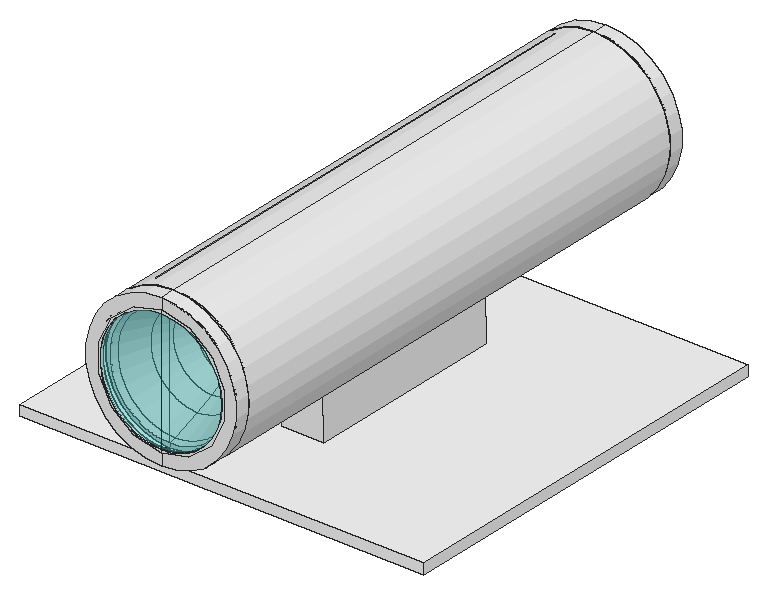
Revit family "BE_66519_de_DE", category Leuchten, Revit 2015
Parameters (values of type "BEGA_66519_Weiß_K4")
  built-in parameter 1150104 = 8.155 (stored number, unit not read)
  Wattage = 36 W
  Default Elevation = 0 mm
  built-in parameter 1150113 = 1 (stored number, unit not read)
  built-in parameter 1114218 = 1 (stored number, unit not read)
  Umgebungstemperatur = ""
  URL = "http://www.bega.de/produkt/66519"
  Typenkommentare = "© 2016 BEGA. Wir behalten uns das Recht vor, technische Änderungen ohne vorherige Ankündigung vorzunehmen."  # constant formula
  Type Image = 66519.png
  built-in parameter 1150134 = 12
  built-in parameter 1150109 = 1 (stored number, unit not read)
  Strom = ""
  built-in parameter 1150110 = 1 (stored number, unit not read)
  Spannung = 0 V
  Sonderanfertigung = no
  Seriennummer [instance] = "Hier können Sie die eindeutige Seriennummer für das Facility Management eintragen."
  Schutzklasse = "I"
  Schutzart = "IP 65"
  Scheinlast = 0 VA
  Produktdatenblatt = "http://www.bega.de/download/Xrfa/db/66519.db.de.pdf"
  Oberflächentemperatur = ""
  Neigungswinkel = 0.00°
  Modell = "66519WK4"
  Material_17 = BEGA_Reflektor
  Material_15 = BEGA_Leuchtmedium_matt
  Material_09 = BEGA_Glas_klar
  Material_06 = BEGA_Oberfläche_Edelstahl_gebürstet
  Material_03 = BEGA_Oberfläche_Weiss_matt
  Material_02 = BEGA_Oberfläche_Silber_matt
  Material_01 [instance] = BEGA_Oberfläche_Grafit_matt
  M_W = yes
  M_G = no
  M_A = no
  Logo = 0
  built-in parameter 1114217 = 1 (stored number, unit not read)
  built-in parameter 1150139 = (empty or 0)
  built-in parameter 1150105 = 251.47 (stored number, unit not read)
  built-in parameter 1150114 = 1 (stored number, unit not read)
  Lumens = 3160.08 lm
  built-in parameter 1150115 = 1 (stored number, unit not read)
  Leuchtenlichtstrom = "1882 lm"
  Leuchtenanzahl = ""
  Lebensdauerkriterien = "L70 = 50.000 h"
  Lastklassifizierung = Beleuchtung
  built-in parameter 1150112 = 1 (stored number, unit not read)
  Lampenlichtstrom = "3160 lm"
  Lampe = "LED 36 W"
  LED_Modulbezeichnung = "2x LED-0222/840"
  built-in parameter 1150142 = (empty or 0)
  Hersteller = "BEGA"  # constant formula
  Halbstreuwinkel = ""
  Gewicht = "5.15 kg"
  Gebrauchslageneinschränkung [instance] = ""
  Frequenz = "50-60 Hz"
  Farbwiedergabeindex = "Ra > 80"
  Farbtemperaturverschiebung bei Dämpfen der Lampe = <Keine Auswahl>
  Farbtemperatur = "4000 K"
  Color Filter = 16777215
  built-in parameter 1150133 = 10 (stored number, unit not read)
  Energieeffizienzklasse = "LED A++ - A"
  built-in parameter 1150137 = (empty or 0)
  built-in parameter 1150132 = (empty or 0)
  ENEC = ""
  Datei für fotometrisches Netz = "BE_66519K4.IES"
  CE_Konformität = "ja"
  Bestellnummer = "66519WK4"
  Beschreibung_Sonderanfertigung = "Hier können Sie Informationen zur Sonderanfertigung eintragen."
  Beschreibung = "Wandleuchte"
  built-in parameter 1150106 = 2.5147 (stored number, unit not read)
  Befestigungsbohrung = "Ø 5,9 mm"
  Befestigungsabstand = "160 x 14 mm"
  Ballwurfsicher = ""
  BEGA_Intern_aus = yes
  BEGA_Intern_an = yes
  BEGA_Intern_Konstruktion = yes
  BEGA_Intern = yes
  BEGA_IES = yes
  BEGA_Dummy = no
  Anschlussleitung = ""
  Anschlussleistung [instance] = "40 W"
  built-in parameter 1150107 = 4000 (stored number, unit not read)
  built-in parameter 1150102 = (empty or 0)
  built-in parameter 1150138 = (empty or 0)
  Aktualisierung = "2016-06-10T04:10:36"
  Abstand_zur_angestrahlten_Fläche [instance] = ""
  AC/DC = "AC"
Types (6, lengths in mm): name | built-in parameter 1150104 | built-in parameter 1150134 | Modell | M_W | M_G | M_A | built-in parameter 1150105 | Lumens | Leuchtenlichtstrom | Lampenlichtstrom | LED_Modulbezeichnung | Farbtemperatur | Datei für fotometrisches Netz | Bestellnummer | built-in parameter 1150106 | built-in parameter 1150107
  BEGA_66519_Grafit_K4 | 8.155 (stored number, unit not read) | 12 | "66519K4" | no | yes | no | 251.47 (stored number, unit not read) | 3160.08 lm | "1882 lm" | "3160 lm" | "2x LED-0222/840" | "4000 K" | "BE_66519K4.IES" | "66519K4" | 2.5147 (stored number, unit not read) | 4000 (stored number, unit not read)
  BEGA_66519_Silber_K4 | 8.155 (stored number, unit not read) | 12 | "66519AK4" | no | no | yes | 251.47 (stored number, unit not read) | 3160.08 lm | "1882 lm" | "3160 lm" | "2x LED-0222/840" | "4000 K" | "BE_66519K4.IES" | "66519AK4" | 2.5147 (stored number, unit not read) | 4000 (stored number, unit not read)
  BEGA_66519_Silber_K3 | 7.5874 (stored number, unit not read) | (empty or 0) | "66519A" | no | no | yes | 233.97 (stored number, unit not read) | 2940.12 lm | "1753 lm" | "2940 lm" | "2x LED-0222/830" | "3000 K" | "BE_66519.IES" | "66519A" | 2.3397 (stored number, unit not read) | 3000 (stored number, unit not read)
  BEGA_66519_Weiß_K3 | 7.5874 (stored number, unit not read) | (empty or 0) | "66519W" | yes | no | no | 233.97 (stored number, unit not read) | 2940.12 lm | "1753 lm" | "2940 lm" | "2x LED-0222/830" | "3000 K" | "BE_66519.IES" | "66519W" | 2.3397 (stored number, unit not read) | 3000 (stored number, unit not read)
  BEGA_66519_Weiß_K4 | 8.155 (stored number, unit not read) | 12 | "66519WK4" | yes | no | no | 251.47 (stored number, unit not read) | 3160.08 lm | "1882 lm" | "3160 lm" | "2x LED-0222/840" | "4000 K" | "BE_66519K4.IES" | "66519WK4" | 2.5147 (stored number, unit not read) | 4000 (stored number, unit not read)
  BEGA_66519_Grafit_K3 | 7.5874 (stored number, unit not read) | (empty or 0) | "66519" | no | yes | no | 233.97 (stored number, unit not read) | 2940.12 lm | "1753 lm" | "2940 lm" | "2x LED-0222/830" | "3000 K" | "BE_66519.IES" | "66519" | 2.3397 (stored number, unit not read) | 3000 (stored number, unit not read)
Reference planes
  plane 1 "Mitte (Vorne/Hinten)": y = 0
  plane 2: z = 0
  plane 3 "Mitte (Links/Rechts)": x = 0
  plane 4 "Links": x = -75
  plane 5 "Rechts": x = 75
  plane 6 "Unten": y = -275
  plane 7 "Oben": y = 275
  plane 8 "Vorne": z = 198.501
Forms (mm)
  Extrusion 1, solid, material "BEGA_Platte_Weiss"
    sketch origin (0, -1119.2, 0) x (1, 0, 0) y (0, 1, 0)
      loop
        line (-200, 1319.2) -> (-200, 919.2) -> (200, 919.2) -> (200, 1319.2) -> (-200, 1319.2)
    from 0 to -10
  Extrusion 2, solid, material "BEGA_Dummy_matt", visible <- "BEGA_Dummy"
    sketch origin (80.095, -76.023, 0) x (1, 0, 0) y (0, 1, 0)
      loop
        line (-155.095, 351.023) -> (-155.095, -198.977) -> (-5.095, -198.977) -> (-5.095, 351.023) -> (-155.095, 351.023)
    from 0 to 198.501
Dimensions and locks
  plane 1 "Mitte (Vorne/Hinten)" to Extrusion 1 = 200 mm
  aligned and locked: plane 2 to Extrusion 1
  aligned and locked: level to Extrusion 1
Nested families
  nested 1: "BE_66519_Wandleuchte" at (0, 0, 0), type "BE_66519_Wandleuchte"
    with Neigungswinkel_um_Y2 0.00°, Neigungswinkel_um_Y1 0.00°, Neigungswinkel_um_X2 0.00°, Neigungswinkel_um_X1 0.00°, Drehwinkel_um_Z2 0.00°, Drehwinkel_um_Z1 0.00°, BEGA_Neigng_Y2 0.00°, BEGA_Neigng_Y1 0.00°, BEGA_Neigng_X2 0.00°, BEGA_Neigng_X1 0.00°, BEGA_Infotext_Winkel no
Connectors
  electrical at (0, 0, 0), driven by "Lastklassifizierung", driven by "Spannung", driven by "Scheinlast"
    settings: index 1, voltage 0 V, apparent load 0 VA, apparent load phase1 0 VA, apparent load phase2 0 VA, apparent load phase3 0 VA, power factor 1, load classification "Beleuchtung", number of poles 1, system type 31, power factor state 1, is connector primary yes, connector utility no, sub classification motor no, connector description ""
Definition of nested family "BE_66519_Wandleuchte"
  Parameters (values of type "BE_66519_Wandleuchte")
    Material_03 = none
    Material_02 = none
    M_W = yes
    M_G = yes
    M_A = yes
    Default Elevation = 1 mm
    URL = "http://www.bega.de/de/produkt"
    Type Comments = "© 2015 BEGA. Wir behalten uns das Recht vor, technische Änderungen ohne vorherige Ankündigung vorzunehmen. "  # constant formula
    Type Image = Bega_Revit_Typenbild_78x78.png
    Neigungswinkel_um_Y2 [instance] = 0.00°
    Neigungswinkel_um_Y1 [instance] = 0.00°
    Neigungswinkel_um_X2 [instance] = 0.00°
    Neigungswinkel_um_X1 [instance] = 0.00°
    Material_17 = none
    Material_15 = none
    Material_09 = none
    Material_01 = none
    Länge_Platte = 200 mm  # constant formula
    Höhe_Platte = -10 mm  # constant formula
    Manufacturer = "BEGA"  # constant formula
    Drehwinkel_um_Z2 [instance] = 0.00°
    Drehwinkel_um_Z1 [instance] = 0.00°
    Breite_Platte = 200 mm  # constant formula
    BEGA_Neigng_Y2 [instance] = if(Neigungswinkel_um_Y2 < -30.00°, -30.00°, if(Neigungswinkel_um_Y2 > 30.00°, 30.00°, Neigungswinkel_um_Y2))  # 0.00°
    BEGA_Neigng_Y1 [instance] = if(Neigungswinkel_um_X2 < -30.00°, -30.00°, if(Neigungswinkel_um_X2 > 30.00°, 30.00°, Neigungswinkel_um_X2))  # 0.00°
    BEGA_Neigng_X2 [instance] = if(Neigungswinkel_um_Y1 < -30.00°, -30.00°, if(Neigungswinkel_um_Y1 > 30.00°, 30.00°, Neigungswinkel_um_Y1))  # 0.00°
    BEGA_Neigng_X1 [instance] = if(Neigungswinkel_um_X1 < -30.00°, -30.00°, if(Neigungswinkel_um_X1 > 30.00°, 30.00°, Neigungswinkel_um_X1))  # 0.00°
    BEGA_Infotext_Winkel [instance] = if(or(Neigungswinkel_um_X1 < -30.00°, Neigungswinkel_um_X1 > 30.00°, Neigungswinkel_um_X2 < -30.00°, Neigungswinkel_um_X2 > 30.00°, Neigungswinkel_um_Y1 < -30.00°, Neigungswinkel_um_Y1 > 30.00°, Neigungswinkel_um_Y2 < -30.00°, Neigungswinkel_um_Y2 > 30.00°), 1 < 2, 1 > 2)  # no
    Aktualisierung = "Stand: 25.03.2015"  # constant formula
  Reference planes
    plane 1 "Mitte (Vorne/Hinten)": y = 0
    plane 2: z = 0
    plane 3 "Mitte (Links/Rechts)": x = 0
    plane 4 "Befestigung Links": x = -75
    plane 5 "Befestigung Rechts": x = 75
    plane 6: z = 198.501
    plane 7: y = 275
    plane 8: y = -275
  Forms (mm)
    Extrusion 1, solid, detail levels medium
      sketch origin (0, 0, 0) x (1, 0, 0) y (0, 1, 0)
        loop
          line (-100, 100) -> (-100, -100) -> (100, -100) -> (100, 100) -> (-100, 100)
      from 0 to -10 <- "Höhe_Platte"
    Extrusion 2, solid, material <- "Material_01", visible <- "M_G", detail levels medium+fine
      sketch origin (0, 0, 0) x (1, 0, 0) y (0, 0, 1)
        loop
          line (20.847, 0) -> (20, 48.5) -> (17.678, 50.822)
          arc (17.678, 50.822) -> (16.556, 49.768) -> (15.372, 48.785) r 25
          arc (15.372, 48.785) -> (0.121, 43.5) -> (-15.18, 48.636) r 25
          arc (-15.18, 48.636) -> (-16.465, 49.688) -> (-17.678, 50.822) r 25
          line (-17.678, 50.822) -> (-20, 48.5) -> (-20.847, 0) -> (20.847, 0)
      from -100 to 100
    Extrusion 3, void
      sketch origin (0, 0, 0) x (1, 0, 0) y (0, 1, 0)
        loop
          line (-15.384, 71.433) -> (-15.384, -71.433) -> (15.384, -71.433) -> (15.384, 71.433) -> (-15.384, 71.433)
      from 0 to 11.465
    Extrusion 4, void
      sketch origin (0, 0, 0) x (0, 1, 0) y (0, 0, 1)
        loop
          line (87.516, 43) -> (-87.53, 43) -> (-86.5, 13.501) -> (86.501, 13.501) -> (87.516, 43)
      from -13.32 to 13.455
    Extrusion 5, void
      sketch origin (0, 0, 0) x (1, 0, 0) y (0, 1, 0)
        loop
          circle (7, -80) r 2.65
        loop
          circle (-7, 80) r 2.65
      from 0 to 13.5
    Extrusion 6, void
      sketch origin (0, 0, 0) x (1, 0, 0) y (0, 1, 0)
        loop
          circle (-7, 80) r 5.5
        loop
          circle (7, -80) r 5.5
      from 3.965 to 13.5
    Extrusion 7, void
      sketch origin (0, 0, 0) x (1, 0, 0) y (0, 1, 0)
        loop
          circle (0, 57.191) r 8.5
        loop
          circle (0, 24) r 8.5
      from 11.465 to 13.5
    Revolve 8, solid, material <- "Material_09", detail levels medium+fine
      sketch origin (0, 0, 0) x (0, 1, 0) y (0, 0, 1)
        loop
          line (275, 183.75) -> (271.6, 183.75)
          arc (271.6, 183.75) -> (270.893, 184.043) -> (270.6, 184.75) r 1
          line (270.6, 184.75) -> (270.6, 186.5) -> (265, 186.5) -> (265, 123.5) -> (275, 123.5) -> (275, 183.75)
        axis (265, 123.5) -> (275, 123.5)
      angle from 0 to 360
    Revolve 9, solid, material <- "Material_09", detail levels medium+fine
      sketch origin (0, 0, 0) x (0, -1, 0) y (0, 0, 1)
        loop
          line (275, 183.75) -> (271.6, 183.75)
          arc (271.6, 183.75) -> (270.893, 184.043) -> (270.6, 184.75) r 1
          line (270.6, 184.75) -> (270.6, 186.5) -> (265, 186.5) -> (265, 123.5) -> (275, 123.5) -> (275, 183.75)
        axis (265, 123.5) -> (275, 123.5)
      angle from 0 to 360
    Revolve 10, solid, material <- "Material_17", detail levels medium+fine
      sketch origin (0, 0, 0) x (0, 1, 0) y (0, 0, 1)
        loop
          line (265, 186) -> (264.049, 186) -> (264.049, 182.473) -> (260.255, 181.254) -> (256.361, 179.975) -> (252.273, 178.601)
          arc (252.273, 178.601) -> (242.585, 175.21) -> (232.984, 171.58) r 415.451
          arc (232.984, 171.58) -> (223.952, 167.893) -> (215.025, 163.957) r 352.808
          arc (215.025, 163.957) -> (207.113, 160.105) -> (199.394, 155.877) r 183.326
          arc (199.394, 155.877) -> (192.689, 151.678) -> (186.287, 147.03) r 115.244
          line (186.287, 147.03) -> (184.433, 145.509) -> (183.295, 132.5) -> (184.287, 132.5) -> (185.441, 145.689) -> (186.279, 146.38)
          arc (186.279, 146.38) -> (190.512, 149.635) -> (194.96, 152.59) r 77.455
          arc (194.96, 152.59) -> (203.676, 157.658) -> (212.638, 162.279) r 199.056
          arc (212.638, 162.279) -> (221.523, 166.362) -> (230.564, 170.089) r 245.73
          arc (230.564, 170.089) -> (244.47, 175.299) -> (258.504, 180.156) r 587.618
          arc (258.504, 180.156) -> (261.749, 181.212) -> (265, 182.25) r 642.587
          line (265, 182.25) -> (265, 186)
        axis (183.295, 123.5) -> (265, 123.5)
      angle from 0 to 360
    Revolve 11, solid, material <- "Material_17", detail levels medium+fine
      sketch origin (0, 0, 0) x (0, -1, 0) y (0, 0, 1)
        loop
          line (265, 186) -> (264.049, 186) -> (264.049, 182.473) -> (260.255, 181.254) -> (256.361, 179.975) -> (252.273, 178.601)
          arc (252.273, 178.601) -> (242.585, 175.21) -> (232.984, 171.58) r 415.451
          arc (232.984, 171.58) -> (223.952, 167.893) -> (215.025, 163.957) r 352.808
          arc (215.025, 163.957) -> (207.113, 160.105) -> (199.394, 155.877) r 183.326
          arc (199.394, 155.877) -> (192.689, 151.678) -> (186.287, 147.03) r 115.244
          line (186.287, 147.03) -> (184.433, 145.509) -> (183.295, 132.5) -> (184.287, 132.5) -> (185.441, 145.689) -> (186.279, 146.38)
          arc (186.279, 146.38) -> (190.512, 149.635) -> (194.96, 152.59) r 77.455
          arc (194.96, 152.59) -> (203.676, 157.658) -> (212.638, 162.279) r 199.056
          arc (212.638, 162.279) -> (221.523, 166.362) -> (230.564, 170.089) r 245.73
          arc (230.564, 170.089) -> (244.47, 175.299) -> (258.504, 180.156) r 587.618
          arc (258.504, 180.156) -> (261.749, 181.212) -> (265, 182.25) r 642.587
          line (265, 182.25) -> (265, 186)
        axis (183.295, 123.5) -> (265, 123.5)
      angle from 0 to 360
    Revolve 12, solid, material <- "Material_15", detail levels medium+fine
      sketch origin (0, 0, 0) x (0, 1, 0) y (0, 0, 1)
        loop
          line (184.287, 123.5) -> (184.287, 132.5) -> (183.295, 132.5) -> (183.295, 123.5) -> (184.287, 123.5)
        axis (183.295, 123.5) -> (184.295, 123.5)
      angle from 0 to 360
    Revolve 13, solid, material <- "Material_15", detail levels medium+fine
      sketch origin (0, 0, 0) x (0, -1, 0) y (0, 0, 1)
        loop
          line (184.287, 123.5) -> (184.287, 132.5) -> (183.295, 132.5) -> (183.295, 123.5) -> (184.287, 123.5)
        axis (183.295, 123.5) -> (184.295, 123.5)
      angle from 0 to 360
    Revolve 14, solid, material <- "Material_01", visible <- "M_G", detail levels medium+fine
      sketch origin (0, 0, 0) x (0, 1, 0) y (0, 0, 1)
        loop
          line (275, 198.256) -> (261, 198.5) -> (261, 196.8) -> (263, 196.765) -> (263, 194.922) -> (270, 194.8) -> (270, 188.535) -> (272, 188.5) -> (272, 184.262) -> (275, 184) -> (275, 186.8) -> (275, 198.256)
        axis (261, 123.5) -> (275, 123.5)
      angle from 0 to 360
    Revolve 15, solid, material <- "Material_01", visible <- "M_G", detail levels medium+fine
      sketch origin (0, 0, 0) x (0, -1, 0) y (0, 0, 1)
        loop
          line (275, 198.256) -> (261, 198.5) -> (261, 196.8) -> (263, 196.765) -> (263, 194.922) -> (270, 194.8) -> (270, 188.535) -> (272, 188.5) -> (272, 184.262) -> (275, 184) -> (275, 186.8) -> (275, 198.256)
        axis (261, 123.5) -> (275, 123.5)
      angle from 0 to 360
    Revolve 16, solid, material <- "Material_01", visible <- "M_G", detail levels medium+fine
      sketch origin (0, 0, 0) x (0, 1, 0) y (0, 0, 1)
        loop
          line (-259.5, 198.5) -> (-259.5, 196.25) -> (-263, 196.25) -> (-263, 194.5) -> (263, 194.5) -> (263, 196.25) -> (259.5, 196.25) -> (259.5, 198.5) -> (-259.5, 198.5)
        axis (-263, 123.5) -> (263, 123.5)
      angle from 0 to 360
    Extrusion 17, solid, material <- "Material_02", visible <- "M_A", detail levels medium+fine
      sketch origin (0, 0, 0) x (1, 0, 0) y (0, 0, 1)
        loop
          line (20.847, 0) -> (20, 48.5) -> (17.678, 50.822)
          arc (17.678, 50.822) -> (16.556, 49.768) -> (15.372, 48.785) r 25
          arc (15.372, 48.785) -> (0.121, 43.5) -> (-15.18, 48.636) r 25
          arc (-15.18, 48.636) -> (-16.465, 49.688) -> (-17.678, 50.822) r 25
          line (-17.678, 50.822) -> (-20, 48.5) -> (-20.847, 0) -> (20.847, 0)
      from -100 to 100
    Revolve 18, solid, material <- "Material_02", visible <- "M_A", detail levels medium+fine
      sketch origin (0, 0, 0) x (0, 1, 0) y (0, 0, 1)
        loop
          line (275, 198.256) -> (261, 198.5) -> (261, 196.8) -> (263, 196.765) -> (263, 194.922) -> (270, 194.8) -> (270, 188.535) -> (272, 188.5) -> (272, 184.262) -> (275, 184) -> (275, 186.8) -> (275, 198.256)
        axis (261, 123.5) -> (275, 123.5)
      angle from 0 to 360
    Revolve 19, solid, material <- "Material_02", visible <- "M_A", detail levels medium+fine
      sketch origin (0, 0, 0) x (0, -1, 0) y (0, 0, 1)
        loop
          line (275, 198.256) -> (261, 198.5) -> (261, 196.8) -> (263, 196.765) -> (263, 194.922) -> (270, 194.8) -> (270, 188.535) -> (272, 188.5) -> (272, 184.262) -> (275, 184) -> (275, 186.8) -> (275, 198.256)
        axis (261, 123.5) -> (275, 123.5)
      angle from 0 to 360
    Revolve 20, solid, material <- "Material_02", visible <- "M_A", detail levels medium+fine
      sketch origin (0, 0, 0) x (0, 1, 0) y (0, 0, 1)
        loop
          line (-259.5, 198.5) -> (-259.5, 196.25) -> (-263, 196.25) -> (-263, 194.5) -> (263, 194.5) -> (263, 196.25) -> (259.5, 196.25) -> (259.5, 198.5) -> (-259.5, 198.5)
        axis (-263, 123.5) -> (263, 123.5)
      angle from 0 to 360
    Extrusion 21, solid, material <- "Material_03", visible <- "M_W", detail levels medium+fine
      sketch origin (0, 0, 0) x (1, 0, 0) y (0, 0, 1)
        loop
          line (20.847, 0) -> (20, 48.5) -> (17.678, 50.822)
          arc (17.678, 50.822) -> (16.556, 49.768) -> (15.372, 48.785) r 25
          arc (15.372, 48.785) -> (0.121, 43.5) -> (-15.18, 48.636) r 25
          arc (-15.18, 48.636) -> (-16.465, 49.688) -> (-17.678, 50.822) r 25
          line (-17.678, 50.822) -> (-20, 48.5) -> (-20.847, 0) -> (20.847, 0)
      from -100 to 100
    Revolve 22, solid, material <- "Material_03", visible <- "M_W", detail levels medium+fine
      sketch origin (0, 0, 0) x (0, 1, 0) y (0, 0, 1)
        loop
          line (275, 198.256) -> (261, 198.5) -> (261, 196.8) -> (263, 196.765) -> (263, 194.922) -> (270, 194.8) -> (270, 188.535) -> (272, 188.5) -> (272, 184.262) -> (275, 184) -> (275, 186.8) -> (275, 198.256)
        axis (261, 123.5) -> (275, 123.5)
      angle from 0 to 360
    Revolve 23, solid, material <- "Material_03", visible <- "M_W", detail levels medium+fine
      sketch origin (0, 0, 0) x (0, -1, 0) y (0, 0, 1)
        loop
          line (275, 198.256) -> (261, 198.5) -> (261, 196.8) -> (263, 196.765) -> (263, 194.922) -> (270, 194.8) -> (270, 188.535) -> (272, 188.5) -> (272, 184.262) -> (275, 184) -> (275, 186.8) -> (275, 198.256)
        axis (261, 123.5) -> (275, 123.5)
      angle from 0 to 360
    Revolve 24, solid, material <- "Material_03", visible <- "M_W", detail levels medium+fine
      sketch origin (0, 0, 0) x (0, 1, 0) y (0, 0, 1)
        loop
          line (-259.5, 198.5) -> (-259.5, 196.25) -> (-263, 196.25) -> (-263, 194.5) -> (263, 194.5) -> (263, 196.25) -> (259.5, 196.25) -> (259.5, 198.5) -> (-259.5, 198.5)
        axis (-263, 123.5) -> (263, 123.5)
      angle from 0 to 360
  Cuts and joins
    Extrusion 3, Extrusion 4, Extrusion 5, Extrusion 6, Extrusion 7 cuts Extrusion 2
    joined: Revolve 14, Revolve 15
    joined: Revolve 10, Revolve 11
    joined: Revolve 8, Revolve 9
    joined: Revolve 12, Revolve 13
    Extrusion 3, Extrusion 5 cuts Extrusion 17
    Extrusion 3, Extrusion 5 cuts Extrusion 21
  Dimensions and locks
    equal spacing: Extrusion 1 sketch curve, plane 3 "Mitte (Links/Rechts)", Extrusion 1 sketch curve
    equal spacing: Extrusion 1 sketch curve, plane 1 "Mitte (Vorne/Hinten)", Extrusion 1 sketch curve
    "Länge_Platte": Extrusion 1 sketch curve to Extrusion 1 sketch curve
    "Breite_Platte": Extrusion 1 sketch curve to Extrusion 1 sketch curve
    plane 1 "Mitte (Vorne/Hinten)" to Extrusion 1 = 100 mm  (x3)
    aligned and locked: Extrusion 1 to plane 2
    aligned and locked: Extrusion 1 to level
  Automatic sketch dimensions
    Extrusion 2 sketch curve to Extrusion 2 sketch curve = 0 mm  (x7)
    Extrusion 2 sketch curve to level = 0 mm
    Extrusion 2 sketch curve to plane 3 "Mitte (Links/Rechts)" = 0 mm
    Extrusion 2 sketch curve to plane 3 "Mitte (Links/Rechts)" = 17.678 mm
    Extrusion 2 sketch curve to Extrusion 2 sketch curve = 2.322 mm  (x3)
    Extrusion 2 sketch curve to plane 3 "Mitte (Links/Rechts)" = 20.847 mm
    plane 3 "Mitte (Links/Rechts)" to Extrusion 2 sketch curve = 17.678 mm
    plane 3 "Mitte (Links/Rechts)" to Extrusion 2 sketch curve = 20.847 mm
    level to Extrusion 2 sketch curve = 48.5 mm
    Extrusion 2 sketch curve to Extrusion 2 sketch curve = 17.678 mm
    Extrusion 2 sketch curve to Extrusion 2 sketch curve = 2.498 mm
    Extrusion 2 sketch curve to Extrusion 2 sketch curve = 2.306 mm
    Extrusion 3 sketch curve to plane 3 "Mitte (Links/Rechts)" = 15.384 mm
    plane 3 "Mitte (Links/Rechts)" to Extrusion 3 sketch curve = 15.384 mm
    plane 1 "Mitte (Vorne/Hinten)" to Extrusion 3 sketch curve = 71.433 mm
    Extrusion 3 sketch curve to plane 1 "Mitte (Vorne/Hinten)" = 71.433 mm
    level to Extrusion 4 sketch curve = 13.501 mm
    Extrusion 4 sketch curve to Extrusion 4 sketch curve = 1.03 mm
    Extrusion 4 sketch curve to Extrusion 4 sketch curve = 1.014 mm
    Extrusion 4 sketch curve to Extrusion 4 sketch curve = 29.499 mm
    Extrusion 5 sketch curve to plane 3 "Mitte (Links/Rechts)" = 7 mm
    plane 3 "Mitte (Links/Rechts)" to Extrusion 5 sketch curve = 7 mm
    Extrusion 6 sketch curve to plane 3 "Mitte (Links/Rechts)" = 7 mm
    plane 3 "Mitte (Links/Rechts)" to Extrusion 6 sketch curve = 7 mm
    Extrusion 7 sketch curve to plane 3 "Mitte (Links/Rechts)" = 0 mm  (x2)
    Extrusion 7 sketch curve to plane 1 "Mitte (Vorne/Hinten)" = 24 mm
    Extrusion 7 sketch curve to Extrusion 7 sketch curve = 33.19 mm
    Revolve 8 sketch curve to Revolve 8 sketch curve = 5.6 mm
    Revolve 8 sketch curve to Revolve 8 sketch curve = 1 mm
    Revolve 8 sketch curve to Revolve 8 sketch curve = 10 mm
    Revolve 8 sketch curve to Revolve 8 sketch curve = 1.75 mm
    Revolve 8 sketch curve to Revolve 8 sketch curve = 12.5 mm
    Revolve 8 sketch curve to Revolve 8 sketch curve = 0 mm
    Revolve 9 sketch curve to Revolve 9 sketch curve = 5.6 mm
    Revolve 9 sketch curve to Revolve 9 sketch curve = 1 mm
    Revolve 9 sketch curve to Revolve 9 sketch curve = 10 mm
    Revolve 9 sketch curve to Revolve 9 sketch curve = 1.75 mm
    Revolve 9 sketch curve to Revolve 9 sketch curve = 12.5 mm
    Revolve 9 sketch curve to Revolve 9 sketch curve = 0 mm
    Revolve 10 sketch curve to Revolve 10 sketch curve = 0.992 mm
    Revolve 10 sketch curve to Revolve 10 sketch curve = 0.146 mm
    Revolve 10 sketch curve to Revolve 10 sketch curve = 1.008 mm
    Revolve 10 sketch curve to Revolve 10 sketch curve = 0.838 mm
    Revolve 10 sketch curve to Revolve 10 sketch curve = 0.008 mm
    Revolve 10 sketch curve to Revolve 10 sketch curve = 4.089 mm
    Revolve 10 sketch curve to Revolve 10 sketch curve = 21.588 mm
    Revolve 10 sketch curve to Revolve 10 sketch curve = 3.893 mm
    Revolve 10 sketch curve to Revolve 10 sketch curve = 3.794 mm
    Revolve 10 sketch curve to Revolve 10 sketch curve = 0.951 mm
    Revolve 10 sketch curve to level = 2.75 mm
    Revolve 10 sketch curve to Revolve 10 sketch curve = 34.129 mm
    Revolve 10 sketch curve to Revolve 10 sketch curve = 8.05 mm
    Revolve 10 sketch curve to Revolve 10 sketch curve = 20.331 mm
    Revolve 10 sketch curve to Revolve 10 sketch curve = 42.129 mm
    Revolve 10 sketch curve to Revolve 10 sketch curve = 22.873 mm
    Revolve 10 sketch curve to Revolve 10 sketch curve = 58.981 mm
    Revolve 10 sketch curve to Revolve 10 sketch curve = 15.209 mm
    Revolve 10 sketch curve to Revolve 10 sketch curve = 58.318 mm
    Revolve 10 sketch curve to Revolve 10 sketch curve = 162.342 mm
    Revolve 10 sketch curve to Revolve 10 sketch curve = 52.866 mm
    Revolve 10 sketch curve to Revolve 10 sketch curve = 14.15 mm
    level to Revolve 10 sketch curve = 56.159 mm
    Revolve 10 sketch curve to Revolve 10 sketch curve = 30.48 mm
    Revolve 10 sketch curve to Revolve 10 sketch curve = 39.08 mm
    Revolve 10 sketch curve to Revolve 10 sketch curve = 13.009 mm
    Revolve 10 sketch curve to Revolve 10 sketch curve = 0.18 mm
    Revolve 10 sketch curve to Revolve 10 sketch curve = 0.691 mm
    Revolve 10 sketch curve to Revolve 10 sketch curve = 0.649 mm
    Revolve 10 sketch curve to Revolve 10 sketch curve = 0.996 mm
    Revolve 10 sketch curve to Revolve 10 sketch curve = 0.223 mm
    Revolve 10 sketch curve to Revolve 10 sketch curve = 3.527 mm
    Revolve 10 sketch curve to Revolve 10 sketch curve = 0 mm  (x5)
    Revolve 10 sketch curve to Revolve 10 sketch curve = 16.923 mm
    Revolve 11 sketch curve to Revolve 11 sketch curve = 0.992 mm
    Revolve 11 sketch curve to Revolve 11 sketch curve = 0.146 mm
    Revolve 11 sketch curve to Revolve 11 sketch curve = 1.008 mm
    Revolve 11 sketch curve to Revolve 11 sketch curve = 0.838 mm
    Revolve 11 sketch curve to Revolve 11 sketch curve = 0.008 mm
    Revolve 11 sketch curve to Revolve 11 sketch curve = 4.089 mm
    Revolve 11 sketch curve to Revolve 11 sketch curve = 21.588 mm
    Revolve 11 sketch curve to Revolve 11 sketch curve = 3.893 mm
    Revolve 11 sketch curve to Revolve 11 sketch curve = 3.794 mm
    Revolve 11 sketch curve to Revolve 11 sketch curve = 0.951 mm
    level to Revolve 11 sketch curve = 2.75 mm
    Revolve 11 sketch curve to Revolve 11 sketch curve = 34.129 mm
    Revolve 11 sketch curve to Revolve 11 sketch curve = 8.05 mm
    Revolve 11 sketch curve to Revolve 11 sketch curve = 20.331 mm
    Revolve 11 sketch curve to Revolve 11 sketch curve = 42.129 mm
    Revolve 11 sketch curve to Revolve 11 sketch curve = 22.873 mm
    Revolve 11 sketch curve to Revolve 11 sketch curve = 58.981 mm
    Revolve 11 sketch curve to Revolve 11 sketch curve = 15.209 mm
    Revolve 11 sketch curve to Revolve 11 sketch curve = 58.318 mm
    Revolve 11 sketch curve to Revolve 11 sketch curve = 162.342 mm
    Revolve 11 sketch curve to Revolve 11 sketch curve = 52.866 mm
    Revolve 11 sketch curve to Revolve 11 sketch curve = 14.15 mm
    Revolve 11 sketch curve to level = 56.159 mm
    Revolve 11 sketch curve to Revolve 11 sketch curve = 30.48 mm
    Revolve 11 sketch curve to Revolve 11 sketch curve = 39.08 mm
    Revolve 11 sketch curve to Revolve 11 sketch curve = 13.009 mm
    Revolve 11 sketch curve to Revolve 11 sketch curve = 0.18 mm
    Revolve 11 sketch curve to Revolve 11 sketch curve = 0.691 mm
    Revolve 11 sketch curve to Revolve 11 sketch curve = 0.649 mm
    Revolve 11 sketch curve to Revolve 11 sketch curve = 0.996 mm
    Revolve 11 sketch curve to Revolve 11 sketch curve = 0.223 mm
    Revolve 11 sketch curve to Revolve 11 sketch curve = 3.527 mm
    Revolve 11 sketch curve to Revolve 11 sketch curve = 0 mm  (x5)
    Revolve 11 sketch curve to Revolve 11 sketch curve = 16.923 mm
    Revolve 12 sketch curve to Revolve 12 sketch curve = 0.992 mm
    Revolve 12 sketch curve to Revolve 12 sketch curve = 0 mm
    Revolve 12 sketch curve to Revolve 12 sketch curve = 9 mm
    Revolve 13 sketch curve to Revolve 13 sketch curve = 0.992 mm
    Revolve 13 sketch curve to Revolve 13 sketch curve = 9 mm
    Revolve 14 sketch curve to Revolve 14 sketch curve = 2 mm  (x2)
    Revolve 14 sketch curve to Revolve 14 sketch curve = 7 mm
    Revolve 14 sketch curve to Revolve 14 sketch curve = 3 mm
    Revolve 14 sketch curve to Revolve 14 sketch curve = 0.262 mm
    Revolve 14 sketch curve to Revolve 14 sketch curve = 2.8 mm
    Revolve 14 sketch curve to Revolve 14 sketch curve = 0.035 mm  (x2)
    Revolve 14 sketch curve to Revolve 14 sketch curve = 1.843 mm
    Revolve 15 sketch curve to Revolve 15 sketch curve = 2 mm  (x2)
    Revolve 15 sketch curve to Revolve 15 sketch curve = 7 mm
    Revolve 15 sketch curve to Revolve 15 sketch curve = 3 mm
    Revolve 15 sketch curve to Revolve 15 sketch curve = 0.262 mm
    Revolve 15 sketch curve to Revolve 15 sketch curve = 2.8 mm
    Revolve 15 sketch curve to Revolve 15 sketch curve = 0.035 mm  (x2)
    Revolve 15 sketch curve to Revolve 15 sketch curve = 1.843 mm
    Revolve 15 sketch curve to Revolve 15 sketch curve = 60.762 mm
    Revolve 16 sketch curve to Revolve 16 sketch curve = 519 mm
    Revolve 16 sketch curve to Revolve 16 sketch curve = 2.25 mm
    Revolve 16 sketch curve to Revolve 16 sketch curve = 3.5 mm  (x2)
    level to Revolve 8 sketch curve = 123.5 mm
    Revolve 8 sketch curve to Revolve 8 sketch curve = 60.25 mm
    Revolve 9 sketch curve to level = 123.5 mm
    Revolve 9 sketch curve to Revolve 9 sketch curve = 60.25 mm
    Revolve 10 sketch curve to Revolve 10 sketch curve = 45.86 mm
    Revolve 10 sketch curve to Revolve 10 sketch curve = 1.375 mm
    Revolve 10 sketch curve to Revolve 10 sketch curve = 1.278 mm
    Revolve 11 sketch curve to Revolve 11 sketch curve = 45.86 mm
    Revolve 11 sketch curve to Revolve 11 sketch curve = 1.375 mm
    Revolve 11 sketch curve to Revolve 11 sketch curve = 1.278 mm
    Revolve 11 sketch curve to level = 123.5 mm
    Revolve 13 sketch curve to level = 123.5 mm  (x2)
    Revolve 14 sketch curve to Revolve 14 sketch curve = 60.5 mm
    Revolve 14 sketch curve to Revolve 14 sketch curve = 1.7 mm  (x2)
    Revolve 14 sketch curve to Revolve 14 sketch curve = 6.265 mm
    Revolve 14 sketch curve to Revolve 14 sketch curve = 0.122 mm
    Revolve 14 sketch curve to Revolve 14 sketch curve = 3.456 mm
    Revolve 15 sketch curve to level = 184 mm
    Revolve 15 sketch curve to Revolve 15 sketch curve = 1.7 mm  (x2)
    Revolve 15 sketch curve to Revolve 15 sketch curve = 6.265 mm
    Revolve 15 sketch curve to Revolve 15 sketch curve = 0.122 mm
    Revolve 15 sketch curve to Revolve 15 sketch curve = 3.456 mm
    Revolve 16 sketch curve to Revolve 16 sketch curve = 71 mm
    Revolve 16 sketch curve to Revolve 16 sketch curve = 1.75 mm  (x2)
    Revolve 10 sketch curve to Revolve 10 sketch curve = 42.013 mm
    Revolve 10 sketch curve to Revolve 10 sketch curve = 97.956 mm
    Revolve 11 sketch curve to Revolve 11 sketch curve = 42.013 mm
    Revolve 11 sketch curve to Revolve 11 sketch curve = 97.956 mm
    Revolve 10 sketch curve to Revolve 10 sketch curve = 51.29 mm
    level to Revolve 10 sketch curve = 178.601 mm
    Revolve 12 sketch curve to Revolve 12 sketch curve = 68.213 mm
    Revolve 14 sketch curve to Revolve 14 sketch curve = 19.5 mm
    Revolve 16 sketch curve to Revolve 16 sketch curve = 10.5 mm  (x2)
    Extrusion 4 sketch curve to plane 1 "Mitte (Vorne/Hinten)" = 86.501 mm
    Extrusion 5 sketch curve to plane 1 "Mitte (Vorne/Hinten)" = 80 mm
    Extrusion 6 sketch curve to plane 1 "Mitte (Vorne/Hinten)" = 80 mm
    Revolve 8 sketch curve to plane 1 "Mitte (Vorne/Hinten)" = 265 mm
    plane 1 "Mitte (Vorne/Hinten)" to Revolve 9 sketch curve = 252.5 mm
    Revolve 10 sketch curve to plane 1 "Mitte (Vorne/Hinten)" = 183.295 mm
    plane 1 "Mitte (Vorne/Hinten)" to Revolve 11 sketch curve = 252.5 mm
    Revolve 12 sketch curve to plane 1 "Mitte (Vorne/Hinten)" = 183.295 mm
    plane 1 "Mitte (Vorne/Hinten)" to Revolve 13 sketch curve = 252.5 mm
    Revolve 14 sketch curve to plane 1 "Mitte (Vorne/Hinten)" = 261 mm
    plane 1 "Mitte (Vorne/Hinten)" to Revolve 15 sketch curve = 252.5 mm
    Revolve 11 sketch curve to Revolve 11 sketch curve = 51.29 mm
    Revolve 11 sketch curve to level = 178.601 mm
    Revolve 13 sketch curve to Revolve 13 sketch curve = 68.213 mm
    Revolve 15 sketch curve to Revolve 15 sketch curve = 19.5 mm
    plane 1 "Mitte (Vorne/Hinten)" to Extrusion 4 sketch curve = 86.5 mm
    plane 1 "Mitte (Vorne/Hinten)" to Extrusion 5 sketch curve = 80 mm
    plane 1 "Mitte (Vorne/Hinten)" to Extrusion 6 sketch curve = 80 mm
    plane 1 "Mitte (Vorne/Hinten)" to Revolve 8 sketch curve = 252.5 mm
    Revolve 9 sketch curve to plane 1 "Mitte (Vorne/Hinten)" = 265 mm
    plane 1 "Mitte (Vorne/Hinten)" to Revolve 10 sketch curve = 252.5 mm
    Revolve 11 sketch curve to plane 1 "Mitte (Vorne/Hinten)" = 183.295 mm
    plane 1 "Mitte (Vorne/Hinten)" to Revolve 12 sketch curve = 252.5 mm
    Revolve 13 sketch curve to plane 1 "Mitte (Vorne/Hinten)" = 183.295 mm
    plane 1 "Mitte (Vorne/Hinten)" to Revolve 14 sketch curve = 252.5 mm
    Revolve 15 sketch curve to plane 1 "Mitte (Vorne/Hinten)" = 261 mm
    plane 1 "Mitte (Vorne/Hinten)" to Revolve 16 sketch curve = 263 mm
    Revolve 10 sketch curve to plane 6 = 75.001 mm
    Revolve 12 sketch curve to plane 6 = 75.001 mm
    Revolve 14 sketch curve to plane 6 = 14.501 mm
    Revolve 16 sketch curve to plane 6 = 4.001 mm
    Extrusion 17 sketch curve to Extrusion 17 sketch curve = 0 mm  (x7)
    Extrusion 17 sketch curve to level = 0 mm
    Extrusion 17 sketch curve to plane 3 "Mitte (Links/Rechts)" = 0 mm
    Extrusion 17 sketch curve to plane 3 "Mitte (Links/Rechts)" = 17.678 mm
    Extrusion 17 sketch curve to Extrusion 17 sketch curve = 2.322 mm  (x3)
    Extrusion 17 sketch curve to plane 3 "Mitte (Links/Rechts)" = 20.847 mm
    plane 3 "Mitte (Links/Rechts)" to Extrusion 17 sketch curve = 17.678 mm
    plane 3 "Mitte (Links/Rechts)" to Extrusion 17 sketch curve = 20.847 mm
    level to Extrusion 17 sketch curve = 48.5 mm
    Extrusion 17 sketch curve to Extrusion 17 sketch curve = 17.678 mm
    Extrusion 17 sketch curve to Extrusion 17 sketch curve = 2.498 mm
    Extrusion 17 sketch curve to Extrusion 17 sketch curve = 2.306 mm
    Revolve 18 sketch curve to plane 7 = 0 mm
    Revolve 18 sketch curve to plane 7 = 3 mm
    Revolve 18 sketch curve to Revolve 18 sketch curve = 2 mm  (x2)
    Revolve 18 sketch curve to plane 6 = 3.579 mm
    Revolve 18 sketch curve to Revolve 18 sketch curve = 7 mm
    Revolve 18 sketch curve to plane 6 = 0.001 mm
    Revolve 18 sketch curve to plane 6 = 3.701 mm
    Revolve 18 sketch curve to Revolve 18 sketch curve = 6.265 mm
    Revolve 18 sketch curve to Revolve 18 sketch curve = 0.035 mm
    Revolve 18 sketch curve to Revolve 18 sketch curve = 1.7 mm  (x2)
    Revolve 18 sketch curve to Revolve 18 sketch curve = 2.538 mm
    Revolve 18 sketch curve to Revolve 18 sketch curve = 2.8 mm
    Revolve 18 sketch curve to plane 6 = 1.736 mm
    Revolve 18 sketch curve to plane 6 = 0.246 mm
    Revolve 18 sketch curve to plane 7 = 22.5 mm
    plane 8 to Revolve 18 sketch curve = 22.5 mm
    Revolve 18 sketch curve to Revolve 18 sketch curve = 60.762 mm
    plane 6 to Revolve 19 sketch curve = 1.701 mm
    Revolve 19 sketch curve to plane 8 = 14 mm
    plane 6 to Revolve 19 sketch curve = 1.736 mm
    Revolve 19 sketch curve to Revolve 19 sketch curve = 2 mm  (x2)
    Revolve 19 sketch curve to plane 8 = 5 mm
    plane 8 to Revolve 19 sketch curve = 0 mm
    Revolve 19 sketch curve to Revolve 19 sketch curve = 1.843 mm
    plane 6 to Revolve 19 sketch curve = 3.701 mm
    Revolve 19 sketch curve to Revolve 19 sketch curve = 6.265 mm
    Revolve 19 sketch curve to Revolve 19 sketch curve = 0.035 mm
    Revolve 19 sketch curve to Revolve 19 sketch curve = 1.7 mm
    Revolve 19 sketch curve to Revolve 19 sketch curve = 2.538 mm
    Revolve 19 sketch curve to Revolve 19 sketch curve = 2.8 mm
    plane 6 to Revolve 19 sketch curve = 0.246 mm
    plane 6 to Revolve 19 sketch curve = 0.001 mm
    Revolve 19 sketch curve to plane 8 = 22.5 mm
    plane 7 to Revolve 19 sketch curve = 22.5 mm
    Revolve 19 sketch curve to Revolve 19 sketch curve = 60.762 mm
    Revolve 20 sketch curve to plane 6 = 2.251 mm
    plane 8 to Revolve 20 sketch curve = 12 mm
    Revolve 20 sketch curve to Revolve 20 sketch curve = 3.5 mm  (x2)
    Revolve 20 sketch curve to plane 6 = 0.001 mm
    Revolve 20 sketch curve to plane 7 = 15.5 mm
    Revolve 20 sketch curve to Revolve 20 sketch curve = 2.25 mm
    Revolve 20 sketch curve to Revolve 20 sketch curve = 1.75 mm
    plane 8 to Revolve 20 sketch curve = 22.5 mm
    Revolve 20 sketch curve to plane 7 = 22.5 mm
    Revolve 20 sketch curve to Revolve 20 sketch curve = 71 mm
    Extrusion 21 sketch curve to Extrusion 21 sketch curve = 0 mm  (x7)
    Extrusion 21 sketch curve to level = 0 mm
    Extrusion 21 sketch curve to plane 3 "Mitte (Links/Rechts)" = 0 mm
    Extrusion 21 sketch curve to plane 3 "Mitte (Links/Rechts)" = 17.678 mm
    Extrusion 21 sketch curve to Extrusion 21 sketch curve = 2.322 mm  (x3)
    Extrusion 21 sketch curve to plane 3 "Mitte (Links/Rechts)" = 20.847 mm
    plane 3 "Mitte (Links/Rechts)" to Extrusion 21 sketch curve = 17.678 mm
    plane 3 "Mitte (Links/Rechts)" to Extrusion 21 sketch curve = 20.847 mm
    level to Extrusion 21 sketch curve = 48.5 mm
    Extrusion 21 sketch curve to Extrusion 21 sketch curve = 17.678 mm
    Extrusion 21 sketch curve to Extrusion 21 sketch curve = 2.498 mm
    Extrusion 21 sketch curve to Extrusion 21 sketch curve = 2.306 mm
    Revolve 22 sketch curve to plane 7 = 0 mm
    Revolve 22 sketch curve to plane 7 = 3 mm
    Revolve 22 sketch curve to Revolve 22 sketch curve = 2 mm  (x2)
    Revolve 22 sketch curve to plane 6 = 3.579 mm
    Revolve 22 sketch curve to Revolve 22 sketch curve = 7 mm
    Revolve 22 sketch curve to plane 6 = 0.001 mm
    Revolve 22 sketch curve to plane 6 = 3.701 mm
    Revolve 22 sketch curve to Revolve 22 sketch curve = 6.265 mm
    Revolve 22 sketch curve to Revolve 22 sketch curve = 0.035 mm
    Revolve 22 sketch curve to Revolve 22 sketch curve = 1.7 mm  (x2)
    Revolve 22 sketch curve to Revolve 22 sketch curve = 2.538 mm
    Revolve 22 sketch curve to Revolve 22 sketch curve = 2.8 mm
    Revolve 22 sketch curve to plane 6 = 1.736 mm
    Revolve 22 sketch curve to plane 6 = 0.246 mm
    Revolve 22 sketch curve to plane 7 = 22.5 mm
    plane 8 to Revolve 22 sketch curve = 22.5 mm
    Revolve 22 sketch curve to Revolve 22 sketch curve = 60.762 mm
    plane 6 to Revolve 23 sketch curve = 1.701 mm
    Revolve 23 sketch curve to plane 8 = 14 mm
    plane 6 to Revolve 23 sketch curve = 1.736 mm
    Revolve 23 sketch curve to Revolve 23 sketch curve = 2 mm  (x2)
    Revolve 23 sketch curve to plane 8 = 5 mm
    plane 8 to Revolve 23 sketch curve = 0 mm
    Revolve 23 sketch curve to Revolve 23 sketch curve = 1.843 mm
    plane 6 to Revolve 23 sketch curve = 3.701 mm
    Revolve 23 sketch curve to Revolve 23 sketch curve = 6.265 mm
    Revolve 23 sketch curve to Revolve 23 sketch curve = 0.035 mm
    Revolve 23 sketch curve to Revolve 23 sketch curve = 1.7 mm
    Revolve 23 sketch curve to Revolve 23 sketch curve = 2.538 mm
    Revolve 23 sketch curve to Revolve 23 sketch curve = 2.8 mm
    plane 6 to Revolve 23 sketch curve = 0.246 mm
    plane 6 to Revolve 23 sketch curve = 0.001 mm
    Revolve 23 sketch curve to plane 8 = 22.5 mm
    plane 7 to Revolve 23 sketch curve = 22.5 mm
    Revolve 23 sketch curve to Revolve 23 sketch curve = 60.762 mm
    Revolve 24 sketch curve to plane 6 = 2.251 mm
    plane 8 to Revolve 24 sketch curve = 12 mm
    Revolve 24 sketch curve to Revolve 24 sketch curve = 3.5 mm  (x2)
    Revolve 24 sketch curve to plane 6 = 0.001 mm
    Revolve 24 sketch curve to plane 7 = 15.5 mm
    Revolve 24 sketch curve to Revolve 24 sketch curve = 2.25 mm
    Revolve 24 sketch curve to Revolve 24 sketch curve = 1.75 mm
    plane 8 to Revolve 24 sketch curve = 22.5 mm
    Revolve 24 sketch curve to plane 7 = 22.5 mm
    Revolve 24 sketch curve to Revolve 24 sketch curve = 71 mm
    radius of Extrusion 5 sketch curve = 2.65 mm  (x2)
    radius of Extrusion 6 sketch curve = 5.5 mm  (x2)
    radius of Extrusion 7 sketch curve = 8.5 mm  (x2)
